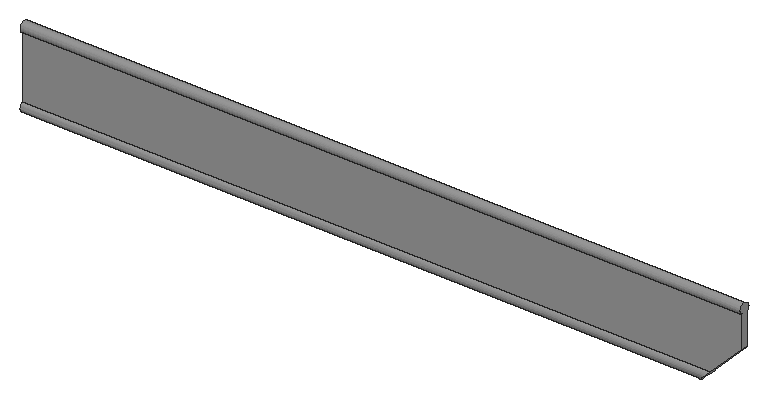
Revit family "PVC648_6 inch DB PVC Waterstop", category Specialty Equipment, Revit 2019
Family settings
  Round Connector Dimension = Use Diameter
  Part Type = Normal
  OmniClass Number = 23.10.00.00
  OmniClass Title = Site Products
  Cut with Voids When Loaded = No
  Shared = No
  Room Calculation Point = No
Parameters (values of type "PVC648 - Vertical")
  z_Vertical = yes
  z_Left Cut Distance [instance] = if([Left Cut 45° Tee-Cross], 0.00", 3.00")  # 3.00"
  z_Horizontal = no
  z_Distance 3 [instance] = if(Ellbow Cut, 4.00", 15.00")  # 15.00"
  z_Distance 2 [instance] = if(and(Corner Cut, z_Vertical), 0.44", 5.00")  # 5.00"
  z_Distance 1 [instance] = if([Right Cut 45° Tee-Cross], 5.00", 10.00")  # 5.00"
  z_Distance [instance] = if([Left Cut 45° Tee-Cross], 5.00", 10.00")  # 10.00"
  z_Cut Distance [instance] = if(z_Distance 2 = 0.44", 0.44", 0.00")  # 0.00"
  Width = 6.00"
  Weight = "1.57 lbs/lft"
  URL = "https://www.jpspecialties.com/"
  z_Right Cut Distance [instance] = if([Right Cut 45° Tee-Cross], 0.00", 3.00")  # 0.00"
  Telephone = "951-763-7077"
  Right Cut 45° Tee-Cross [instance] = yes
  Product data url = "www.bimmodeller.com/jpspecialties/products/Polyvinyl-Chloride-PVC-Waterstop"
  Product Material = JP Specialties - Polyvinyl Chloride (PVC)
  Product Guid = "27e5cdcc-cece-4d8c-947d-ca6b8ef269ba"  # constant formula
  NOTE [instance] = "Elbow Cut and Tee-Cross cuts cannot be checked at the same time"  # constant formula
  Model = "PVC648"
  Materials = PVC
  Manufacturer = "J P Specialties Inc."  # constant formula
  built-in parameter 1001306 [instance] = 48.00"
  Left Cut 45° Tee-Cross [instance] = no
  z_Ellbow Cut Distance [instance] = if(Ellbow Cut, 0.00", 3.00")  # 3.00"
  z_Ellbow Cut Sweep Distance [instance] = if(Ellbow Cut, 3.00", 0.00")  # 0.00"
  Hydrophobic = "Yes"
  Hydrophilic = "No"
  Height = 0.75"
  Ellbow Cut [instance] = no
  Keynote = "13000"
  Edition number = 1
  Description = "PVC648 is 6\" x 3/8\" x 50' Earth Shield PVC dumbbell waterstop."
  Corner Cut [instance] = no
  Certifications = "NSF 61, NSF 372, CRD C-572-74, ASTM D537"
  Assembly Code = "F1030"
Types (2): name | z_Vertical | z_Horizontal
  PVC648 - Horizontal | no | yes
  PVC648 - Vertical | yes | no
Reference planes (in)
  plane 1 "Center (Front/Back)": y = 0
  plane 2: z = 0
  plane 3 "Left": x = 0
  plane 4 "Right": x = 48
  plane 5: y = 3
  plane 6: y = -3
  plane 7: z = -1
  plane 8: z = 10
  plane 9: z = -5
  plane 10: x = 48
  plane 11: z = 15
  plane 12: x = -5
  plane 13: x = 0
  plane 14: y = 4.75
Forms (in)
  Extrusion 1, void
    sketch origin (0, 0, 0) x (1, 0, 0) y (0, 1, 0)
      loop
        line (48, 0) -> (48, 4.75) -> (43.25, 4.75) -> (48, 0)
    from 2 to 12
  Extrusion 2, void
    sketch origin (0, 0, 0) x (1, 0, 0) y (0, 1, 0)
      loop
        line (51, -3) -> (51, 4.75) -> (43.25, 4.75) -> (51, -3)
    from 2 to 12
  Extrusion 3, void
    sketch origin (0, 0, 0) x (1, 0, 0) y (0, 1, 0)
      loop
        line (48, 0) -> (43.5, -4.5) -> (48, -4.5) -> (48, 0)
    from -1 to 12
  Extrusion 4, void
    sketch origin (0, 0, 0) x (1, 0, 0) y (0, 0, 1)
      loop
        line (48, 5.05025) -> (48, 10) -> (43.05025, 10) -> (48, 5.05025)
    from -8.21469 to 12
  Extrusion 5, void
    sketch origin (0, 0, 0) x (1, 0, 0) y (0, 0, 1)
      loop
        line (48, 0) -> (43, -5) -> (48, -5) -> (48, 0)
    from -8.21469 to 12
  Extrusion 6, void
    sketch origin (0, 0, 0) x (1, 0, 0) y (0, 0, 1)
      loop
        line (48, 13.99325) -> (40.25675, 6.25) -> (48, 6.25) -> (48, 13.99325)
    from -8.21469 to 12
  Extrusion 7, void
    sketch origin (0, 0, 0) x (1, 0, 0) y (0, 1, 0)
      loop
        line (-5, -4.5025) -> (4.2525, 4.75) -> (-5, 4.75) -> (-5, -4.5025)
    from -8.14882 to 12
  Sweep 8, solid, material "PVC" <- "Materials", visible <- "z_Horizontal"
    path origin (0, 0, 0) x (1, 0, 0) y (0, 1, 0)
      loop
        line (-5, 0.00016) -> (48, 0.00016)
    profile "PVC648 : PVC648" origin (21.5, 0.00016, 0) x (0, 1, 0) y (0, 0, 1)
      loop
        arc (-2.30757, 0.19532) -> (-2.99284, 0.00781) -> (-2.30757, -0.17969) r 0.36829
        line (-2.30757, -0.17969) -> (2.30757, -0.17969)
        arc (2.30757, -0.17969) -> (3.00733, 0.00781) -> (2.30757, 0.19532) r 0.375
        line (2.30757, 0.19532) -> (-2.30757, 0.19532)
  Sweep 9, solid, material "PVC" <- "Materials", visible <- "z_Vertical"
    path origin (0, 0, 0) x (1, 0, 0) y (0, 1, 0)
      loop
        line (-5, 0) -> (48, 0)
    profile "PVC648 : PVC648" origin (21.5, 0, 0) x (0, 1, 0) y (0, 0, 1)
      loop
        arc (0.19553, 2.30799) -> (0.00797, 2.99325) -> (-0.17948, 2.30796) r 0.36829
        line (-0.17948, 2.30796) -> (-0.17908, -2.30718)
        arc (-0.17908, -2.30718) -> (0.00848, -3.00692) -> (0.19592, -2.30714) r 0.375
        line (0.19592, -2.30714) -> (0.19553, 2.30799)
Cuts and joins
  Extrusion 1, Extrusion 2, Extrusion 3 cuts Sweep 8
  Extrusion 4, Extrusion 5, Extrusion 6 cuts Sweep 9
Lines and regions (in)
  reference lines
    curve 1: line (0, 0, 0) -> (48, 0, 0)
Dimensions and locks (in)
  "built-in parameter 1001306": plane 3 "Left" to plane 4 "Right"
  equal spacing: plane 5, plane 1 "Center (Front/Back)", plane 6
  locked: plane 5 to plane 6 at 6
  locked: Extrusion 1 sketch curve to plane 4 "Right" at 4.75
  locked: plane 2 to plane 7 at 1
  "z_Left Cut Distance": Extrusion 1 to plane 7
  Extrusion 2 sketch curve to plane 4 "Right" = 4.75"
  Extrusion 2 sketch curve to plane 5 = 6.00"
  "z_Ellbow Cut Distance": Extrusion 2 to plane 7
  locked: plane 4 "Right" to Extrusion 2 sketch curve at 3
  locked: Extrusion 3 sketch curve to plane 4 "Right" at 4.5
  locked: plane 6 to Extrusion 3 sketch curve at 3
  "z_Right Cut Distance": Extrusion 3 to plane 7
  "z_Distance": plane 8 to plane 2
  locked: plane 8 to Extrusion 4 sketch curve at 4.94975
  "z_Distance 1": plane 2 to plane 9
  locked: Extrusion 5 sketch curve to plane 9 at 5
  "z_Ellbow Cut Sweep Distance": plane 10 to plane 4 "Right"
  "z_Distance 3": plane 11 to plane 2
  "z_Distance 2": plane 12 to plane 3 "Left"
  locked: plane 1 "Center (Front/Back)" to Extrusion 7 sketch curve at 4.75
  "z_Cut Distance": plane 13 to plane 3 "Left"
  locked: plane 12 to Extrusion 7 sketch curve at 9.2525
  locked: plane 5 to plane 14 at 1.75
  plane 11 to Extrusion 6 sketch curve to Extrusion 6 sketch curve = 1.00675", 7.74325"
  plane 10 to Extrusion 6 sketch curve = 7.74325"
  locked: plane 4 "Right" to Extrusion 1 sketch curve (angle 45.00°)
  locked: plane 4 "Right" to Extrusion 2 sketch curve (angle 45.00°)
  locked: Extrusion 3 sketch curve to plane 4 "Right" (angle 45.00°)
  locked: plane 4 "Right" to Extrusion 4 sketch curve (angle 45.00°)
  angle Extrusion 5 sketch curve to plane 4 "Right" = 45.00°
  locked: Extrusion 6 sketch curve to Extrusion 6 sketch curve (angle 45.00°)
  locked: Extrusion 7 sketch curve to plane 12 (angle 45.00°)
  aligned and locked: plane 4 "Right" to curve 1
  aligned and locked: plane 1 "Center (Front/Back)" to curve 1
  aligned and locked: plane 3 "Left" to curve 1
  aligned and locked: level to plane 2
  aligned and locked: Extrusion 1 sketch curve to plane 4 "Right"
  aligned and locked: plane 1 "Center (Front/Back)" to Extrusion 1 sketch curve
  aligned and locked: Extrusion 4 sketch curve to plane 8
  aligned and locked: Extrusion 4 sketch curve to plane 4 "Right"
  aligned and locked: plane 4 "Right" to Extrusion 5 sketch curve  (x2)
  aligned and locked: plane 9 to Extrusion 5 sketch curve
  aligned and locked: plane 10 to Extrusion 6 sketch curve
  aligned and locked: plane 12 to Sweep 8 sketch curve
  aligned and locked: plane 10 to Sweep 8 sketch curve
  aligned and locked: plane 10 to Extrusion 3 sketch curve
  aligned and locked: plane 14 to Extrusion 1 sketch curve
  aligned and locked: plane 12 to Sweep 9 sketch curve
  aligned and locked: plane 1 "Center (Front/Back)" to Sweep 9 sketch curve
  aligned and locked: plane 10 to Sweep 9 sketch curve
  aligned and locked: plane 12 to Extrusion 7 sketch curve
Automatic sketch dimensions
  Sweep 8 sketch curve to plane 1 "Center (Front/Back)" = 0.00016"
